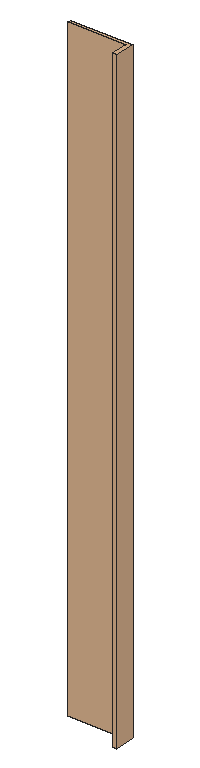
Revit family
Parameters
  Width = 0' - 6"
  Warranty Duration (Years) = 0
  URL = "http://www.asilockers.com/"
  Specification = "http://www.arcat.com/sdspecs/htm/10503asi.htm"
  Send Message = "http://www.arcat.com/users.pl?action=UserEmail&company=ASI%20Storage%20Solutions%20Inc.&coid=42798&rep=139&fax=901-312-6197&mf="
  Sales Information = "http://www.asilockers.com/company.html"
  Revision = "R1_08-2010"
  Product Properties = "http://www.arcat.com/bim/bim_info.pl?fn=ASIStorage"
  Product Data = "http://www.arcat.com/arcatcos/cos42/arc42798.html"
  Model = "As Specified in 10 51 13"
  Finish = "Powder Coated To Match Locker Color"
  Color [instance] = Paint - Almond #03
  Manufacturer Website = "http://www.asilockers.com/"
  Manufacturer Phone = "901-312-6195 "
  Manufacturer Fax = "901-312-6197"
  Manufacturer Address = "4444 Delp St., Memphis, TN 38118"
  Manufacturer = "ASI Storage Solutions Inc."
  Maintenance Schedule (Months) = 0
  Keynote = "10 51 13"
  Installation-Fabrication = "http://www.asilockers.com/installation-assembly/installation.pdf"
  Installation Phase = ""
  Height = 5' - 0"
  Expected Lifespan (Years) = 0
  Drawn By = "Robert S. Weygant, CSI, CDT, SCIP"
  Description = "As Specified in 10 51 13"
  Depth = 0' - 0 3/8"
  Copyright = "2010, ARCAT, Inc"
  Construction Details = "http://www.asilockers.com/installation-assembly/one-page-assembly.pdf"
  Color Chart = "http://www.asilockers.com/color-guide.html"
  Assembly Code = "E2010200"
Reference planes (in)
  plane 1 "Center (Front/Back)": y = -0.76892
  plane 2 "Bottom": z = 0
  plane 3 "Center (Left/Right)": x = -2
  plane 4 "Front": y = -0.95642
  plane 5 "Back": y = -0.58142
  plane 6 "Left": x = -5
  plane 7 "Right": x = 1
  plane 8 "BO Bench": z = 60
Forms (in)
  Extrusion 1, solid, material "Paint - Almond #03" <- "Color"
    sketch origin (0, 0, 0) x (1, 0, 0) y (0, 1, 0)
      loop
        line (-5, -0.58142) -> (-5, -0.95642) -> (0.625, -0.95642) -> (0.625, -2.58142) -> (1, -2.58142) -> (1, -0.58142) -> (-5, -0.58142)
    from 0 to 60
Dimensions and locks (in)
  "Width": plane 6 "Left" to plane 7 "Right"
  "Depth": plane 5 "Back" to plane 4 "Front"
  equal spacing: plane 5 "Back", plane 1 "Center (Front/Back)", plane 4 "Front"
  equal spacing: plane 6 "Left", plane 3 "Center (Left/Right)", plane 7 "Right"
  "Height": plane 8 "BO Bench" to level
  locked: Extrusion 1 sketch curve to plane 4 "Front" at 1.625
  aligned and locked: plane 8 "BO Bench" to Extrusion 1
Automatic sketch dimensions
  Extrusion 1 sketch curve to plane 4 "Front" = 0' - 0"
  Extrusion 1 sketch curve to plane 6 "Left" = 0' - 0"
  Extrusion 1 sketch curve to plane 5 "Back" = 0' - 0"
  Extrusion 1 sketch curve to plane 7 "Right" = 0' - 0"
  Extrusion 1 sketch curve to plane 7 "Right" = 0' - 0 3/8"
